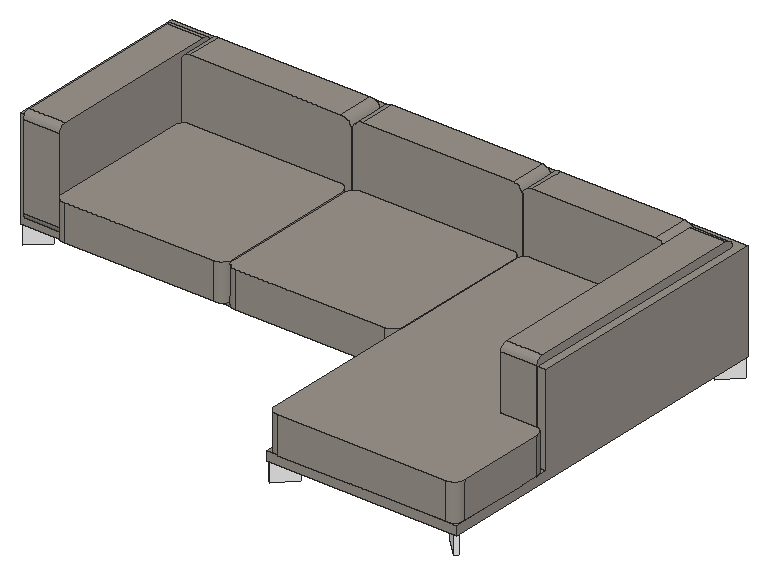
Revit family
Parameters
  Depth = 600 mm
  Height = 900 mm
  Width = 900 mm
Reference planes
  plane 1 "Indietro": y = 0
  plane 2: z = 0
  plane 3 "Centro (Sinistra/Destra)": x = 44.7
  plane 4 "Fronte": y = -600
  plane 5 "Sinistra": x = -405.3
  plane 6 "Destra": x = 494.7
  plane 7 "SUP": z = 900
Forms (mm)
  Extrusion 1, solid, material "Pelle Marrone"
    sketch origin (0, 0, 0) x (1, 0, 0) y (0, 1, 0)
      loop
        line (44.7, -300) -> (44.7, 225) -> (-2095.3, 225) -> (-2095.3, -825) -> (44.7, -825) -> (44.7, -300)
    from 100 to 150
  Extrusion 2, solid, material "Pelle Marrone"
    sketch origin (0, 0, 0) x (1, 0, 0) y (0, 1, 0)
      loop
        line (44.7, 225) -> (44.7, -1795) -> (1094.7, -1795) -> (1094.7, 225) -> (44.7, 225)
    from 100 to 150
  Extrusion 3, solid, material "Pelle Marrone"
    sketch origin (0, 0, 0) x (1, 0, 0) y (0, 1, 0)
      loop
        line (-2095.3, -825) -> (-2045.3, -825) -> (-2045.3, 175) -> (44.7, 175) -> (44.7, 225) -> (-2095.3, 225) -> (-2095.3, -825)
    from 150 to 650
  Extrusion 4, solid, material "Pelle Marrone"
    sketch origin (0, 0, 0) x (1, 0, 0) y (0, 1, 0)
      loop
        line (44.7, 175) -> (1044.7, 175) -> (1044.7, -1175) -> (1094.7, -1175) -> (1094.7, 225) -> (44.7, 225) -> (44.7, 175)
    from 150 to 650
  Extrusion 5, solid, material "Pelle Marrone"
    sketch origin (44.7, 0, 0) x (0, 1, 0) y (0, 0, 1)
      loop
        line (135, 690) -> (-825, 690)
        arc (-825, 690) -> (-853.284, 678.284) -> (-865, 650) r 40
        line (-865, 650) -> (-865, 185)
        arc (-865, 185) -> (-854.749, 160.251) -> (-830, 150) r 35
        line (-830, 150) -> (125, 150)
        arc (125, 150) -> (160.355, 164.645) -> (175, 200) r 50
        line (175, 200) -> (175, 650)
        arc (175, 650) -> (163.284, 678.284) -> (135, 690) r 40
    from -2090 to -1890
  Extrusion 6, solid, material "Pelle Marrone"
    sketch origin (44.7, 0, 0) x (0, 1, 0) y (0, 0, 1)
      loop
        line (135, 690) -> (-1135, 690)
        arc (-1135, 690) -> (-1163.284, 678.284) -> (-1175, 650) r 40
        line (-1175, 650) -> (-1175, 185)
        arc (-1175, 185) -> (-1164.749, 160.251) -> (-1140, 150) r 35
        line (-1140, 150) -> (125, 150)
        arc (125, 150) -> (160.355, 164.645) -> (175, 200) r 50
        line (175, 200) -> (175, 650)
        arc (175, 650) -> (163.284, 678.284) -> (135, 690) r 40
    from 800 to 1000
  Extrusion 7, solid, material "Pelle Marrone"
    sketch origin (0, -600, 0) x (1, 0, 0) y (0, 0, 1)
      loop
        line (-1845.3, 150) -> (-900.3, 150) -> (-900.3, 630)
        arc (-900.3, 630) -> (-917.873, 672.426) -> (-960.3, 690) r 60
        line (-960.3, 690) -> (-1795.3, 690)
        arc (-1795.3, 690) -> (-1830.655, 675.355) -> (-1845.3, 640) r 50
        line (-1845.3, 640) -> (-1845.3, 150)
    from -775 to -575
  Extrusion 8, solid, material "Pelle Marrone"
    sketch origin (-1800.599, -600, 0) x (-1, 0, 0) y (0, 0, -1)
      loop
        line (-1845.3, -150) -> (-1845.3, -640)
        arc (-1845.3, -640) -> (-1830.655, -675.355) -> (-1795.3, -690) r 50
        line (-1795.3, -690) -> (-960.3, -690)
        arc (-960.3, -690) -> (-917.873, -672.426) -> (-900.3, -630) r 60
        line (-900.3, -630) -> (-900.3, -150) -> (-1845.3, -150)
    from -775 to -575
  Extrusion 9, solid, material "Pelle Marrone"
    sketch origin (1890, -600, 0) x (1, 0, 0) y (0, 0, 1)
      loop
        line (-1845.3, 150) -> (-1045.3, 150) -> (-1045.3, 630)
        arc (-1045.3, 630) -> (-1062.873, 672.426) -> (-1105.3, 690) r 60
        line (-1105.3, 690) -> (-1795.3, 690)
        arc (-1795.3, 690) -> (-1830.655, 675.355) -> (-1845.3, 640) r 50
        line (-1845.3, 640) -> (-1845.3, 150)
    from -775 to -575
  Extrusion 10, solid, material "Pelle Marrone"
    sketch origin (0, 0, 0) x (1, 0, 0) y (0, 1, 0)
      loop
        line (-1845.3, -85) -> (-1845.3, -845)
        arc (-1845.3, -845) -> (-1827.726, -887.426) -> (-1785.3, -905) r 60
        line (-1785.3, -905) -> (-960.3, -905)
        arc (-960.3, -905) -> (-917.873, -887.426) -> (-900.3, -845) r 60
        line (-900.3, -845) -> (-900.3, -105)
        arc (-900.3, -105) -> (-923.731, -48.431) -> (-980.3, -25) r 80
        line (-980.3, -25) -> (-1785.3, -25)
        arc (-1785.3, -25) -> (-1827.726, -42.574) -> (-1845.3, -85) r 60
    from 150 to 350
  Extrusion 11, solid, material "Pelle Marrone"
    sketch origin (-1800.599, 0, 0) x (-1, 0, 0) y (0, -1, 0)
      loop
        arc (-1845.3, 85) -> (-1827.726, 42.574) -> (-1785.3, 25) r 60
        line (-1785.3, 25) -> (-980.3, 25)
        arc (-980.3, 25) -> (-923.731, 48.431) -> (-900.3, 105) r 80
        line (-900.3, 105) -> (-900.3, 845)
        arc (-900.3, 845) -> (-917.873, 887.426) -> (-960.3, 905) r 60
        line (-960.3, 905) -> (-1785.3, 905)
        arc (-1785.3, 905) -> (-1827.726, 887.426) -> (-1845.3, 845) r 60
        line (-1845.3, 845) -> (-1845.3, 85)
    from 150 to 350
  Extrusion 12, solid, material "Pelle Marrone"
    sketch origin (1890, 0, 0) x (1, 0, 0) y (0, 1, 0)
      loop
        line (-1845.3, -85) -> (-1845.3, -1735)
        arc (-1845.3, -1735) -> (-1827.726, -1777.426) -> (-1785.3, -1795) r 60
        line (-1785.3, -1795) -> (-855.3, -1795)
        arc (-855.3, -1795) -> (-812.873, -1777.426) -> (-795.3, -1735) r 60
        line (-795.3, -1735) -> (-795.3, -1240)
        arc (-795.3, -1240) -> (-814.338, -1194.038) -> (-860.3, -1175) r 65
        line (-860.3, -1175) -> (-1045.3, -1175) -> (-1045.3, -80)
        arc (-1045.3, -80) -> (-1061.409, -41.109) -> (-1100.3, -25) r 55
        line (-1100.3, -25) -> (-1785.3, -25)
        arc (-1785.3, -25) -> (-1827.726, -42.574) -> (-1845.3, -85) r 60
    from 150 to 350
  Extrusion 13, solid, material "Alluminio"
    sketch origin (0, 0, 0) x (1, 0, 0) y (0, 1, 0)
      loop
        line (-2095.3, -810) -> (-2080.3, -825) -> (-1984.236, -728.936) -> (-1999.236, -713.936) -> (-2095.3, -810)
    from 0 to 100
  Extrusion 14, solid, material "Alluminio"
    sketch origin (0, -600, 0) x (1, 0, 0) y (0, 1, 0)
      loop
        line (-2095.3, 810) -> (-1999.236, 713.936) -> (-1984.236, 728.936) -> (-2080.3, 825) -> (-2095.3, 810)
    from 0 to 100
  Extrusion 15, solid, material "Alluminio"
    sketch origin (-2050.635, -600, 0) x (-1, 0, 0) y (0, -1, 0)
      loop
        line (-2095.3, -810) -> (-2080.3, -825) -> (-1984.236, -728.936) -> (-1999.236, -713.936) -> (-2095.3, -810)
    from 0 to 100
  Extrusion 16, solid, material "Alluminio"
    sketch origin (2140.036, -600, 0) x (1, 0, 0) y (0, 1, 0)
      loop
        line (-2095.3, 810) -> (-1999.236, 713.936) -> (-1984.236, 728.936) -> (-2080.3, 825) -> (-2095.3, 810)
    from 0 to 100
  Extrusion 17, solid, material "Alluminio"
    sketch origin (-1000.635, -600, 0) x (-1, 0, 0) y (0, -1, 0)
      loop
        line (-2095.3, -810) -> (-2080.3, -825) -> (-1984.236, -728.936) -> (-1999.236, -713.936) -> (-2095.3, -810)
    from 0 to 100
  Extrusion 18, solid, material "Alluminio"
    sketch origin (-1000.635, -970, 0) x (-1, 0, 0) y (0, -1, 0)
      loop
        line (-2095.3, 810) -> (-1999.236, 713.936) -> (-1984.236, 728.936) -> (-2080.3, 825) -> (-2095.3, 810)
    from 0 to 100
  Extrusion 19, solid, material "Alluminio"
    sketch origin (2140.036, -970, 0) x (1, 0, 0) y (0, 1, 0)
      loop
        line (-2095.3, -810) -> (-2080.3, -825) -> (-1984.236, -728.936) -> (-1999.236, -713.936) -> (-2095.3, -810)
    from 0 to 100
  Extrusion 20, solid, material "Alluminio"
    sketch origin (-2050.635, 0, 0) x (-1, 0, 0) y (0, -1, 0)
      loop
        line (-2095.3, 810) -> (-1999.236, 713.936) -> (-1984.236, 728.936) -> (-2080.3, 825) -> (-2095.3, 810)
    from 0 to 100
Cuts and joins
  joined: Extrusion 1, Extrusion 3
  joined: Extrusion 2, Extrusion 4
Dimensions and locks
  "Width": plane 6 "Destra" to plane 5 "Sinistra"
  equal spacing: plane 6 "Destra", plane 3 "Centro (Sinistra/Destra)", plane 5 "Sinistra"
  "Depth": plane 4 "Fronte" to plane 1 "Indietro"
  "Height": level to plane 7 "SUP"
Automatic sketch dimensions
  Extrusion 1 sketch curve to plane 3 "Centro (Sinistra/Destra)" = 0 mm
  Extrusion 1 sketch curve to plane 1 "Indietro" = 225 mm
  Extrusion 1 sketch curve to plane 5 "Sinistra" = 1690 mm
  plane 1 "Indietro" to Extrusion 1 sketch curve = 300 mm
  plane 4 "Fronte" to Extrusion 1 sketch curve = 225 mm
  Extrusion 2 sketch curve to plane 3 "Centro (Sinistra/Destra)" = 0 mm
  plane 6 "Destra" to Extrusion 2 sketch curve = 600 mm
  plane 4 "Fronte" to Extrusion 2 sketch curve = 1195 mm
  Extrusion 2 sketch curve to plane 1 "Indietro" = 225 mm
  Extrusion 3 sketch curve to plane 3 "Centro (Sinistra/Destra)" = 0 mm
  Extrusion 3 sketch curve to plane 1 "Indietro" = 175 mm
  Extrusion 3 sketch curve to plane 5 "Sinistra" = 1640 mm
  Extrusion 3 sketch curve to Extrusion 3 sketch curve = 50 mm  (x2)
  plane 4 "Fronte" to Extrusion 3 sketch curve = 225 mm
  Extrusion 4 sketch curve to plane 3 "Centro (Sinistra/Destra)" = 0 mm
  Extrusion 4 sketch curve to plane 1 "Indietro" = 175 mm
  plane 6 "Destra" to Extrusion 4 sketch curve = 550 mm
  Extrusion 4 sketch curve to Extrusion 4 sketch curve = 50 mm  (x2)
  plane 4 "Fronte" to Extrusion 4 sketch curve = 575 mm
  plane 4 "Fronte" to Extrusion 5 sketch curve = 265 mm
  Extrusion 5 sketch curve to Extrusion 5 sketch curve = 35 mm
  Extrusion 5 sketch curve to Extrusion 5 sketch curve = 40 mm  (x2)
  Extrusion 5 sketch curve to plane 1 "Indietro" = 125 mm
  Extrusion 5 sketch curve to plane 1 "Indietro" = 135 mm
  level to Extrusion 5 sketch curve = 150 mm
  plane 7 "SUP" to Extrusion 5 sketch curve = 250 mm
  plane 4 "Fronte" to Extrusion 6 sketch curve = 575 mm
  Extrusion 6 sketch curve to Extrusion 6 sketch curve = 35 mm
  Extrusion 6 sketch curve to Extrusion 6 sketch curve = 40 mm  (x2)
  Extrusion 6 sketch curve to plane 1 "Indietro" = 125 mm
  Extrusion 6 sketch curve to plane 1 "Indietro" = 135 mm
  level to Extrusion 6 sketch curve = 150 mm
  plane 7 "SUP" to Extrusion 6 sketch curve = 250 mm
  level to Extrusion 7 sketch curve = 150 mm
  Extrusion 7 sketch curve to plane 5 "Sinistra" = 1440 mm
  Extrusion 7 sketch curve to Extrusion 7 sketch curve = 50 mm
  plane 7 "SUP" to Extrusion 7 sketch curve = 210 mm
  Extrusion 7 sketch curve to plane 5 "Sinistra" = 555 mm
  Extrusion 7 sketch curve to Extrusion 7 sketch curve = 60 mm
  Extrusion 8 sketch curve to plane 3 "Centro (Sinistra/Destra)" = 0 mm
  plane 3 "Centro (Sinistra/Destra)" to Extrusion 8 sketch curve = 50 mm
  Extrusion 8 sketch curve to plane 7 "SUP" = 210 mm
  plane 5 "Sinistra" to Extrusion 8 sketch curve = 435 mm
  Extrusion 8 sketch curve to level = 150 mm
  Extrusion 8 sketch curve to Extrusion 8 sketch curve = 60 mm
  Extrusion 9 sketch curve to plane 3 "Centro (Sinistra/Destra)" = 0 mm
  Extrusion 9 sketch curve to Extrusion 9 sketch curve = 50 mm
  plane 6 "Destra" to Extrusion 9 sketch curve = 290 mm
  level to Extrusion 9 sketch curve = 150 mm
  plane 6 "Destra" to Extrusion 9 sketch curve = 350 mm
  plane 7 "SUP" to Extrusion 9 sketch curve = 270 mm
  plane 1 "Indietro" to Extrusion 10 sketch curve = 85 mm
  Extrusion 10 sketch curve to plane 5 "Sinistra" = 1440 mm
  Extrusion 10 sketch curve to Extrusion 10 sketch curve = 60 mm  (x2)
  plane 1 "Indietro" to Extrusion 10 sketch curve = 25 mm
  plane 1 "Indietro" to Extrusion 10 sketch curve = 105 mm
  Extrusion 10 sketch curve to plane 5 "Sinistra" = 575 mm
  plane 4 "Fronte" to Extrusion 10 sketch curve = 245 mm
  Extrusion 11 sketch curve to plane 3 "Centro (Sinistra/Destra)" = 0 mm
  plane 3 "Centro (Sinistra/Destra)" to Extrusion 11 sketch curve = 60 mm  (x2)
  Extrusion 11 sketch curve to plane 1 "Indietro" = 25 mm
  Extrusion 11 sketch curve to plane 1 "Indietro" = 105 mm
  plane 5 "Sinistra" to Extrusion 11 sketch curve = 415 mm
  Extrusion 11 sketch curve to Extrusion 11 sketch curve = 60 mm
  Extrusion 11 sketch curve to plane 4 "Fronte" = 245 mm
  Extrusion 12 sketch curve to plane 3 "Centro (Sinistra/Destra)" = 0 mm
  plane 3 "Centro (Sinistra/Destra)" to Extrusion 12 sketch curve = 60 mm  (x2)
  plane 1 "Indietro" to Extrusion 12 sketch curve = 25 mm
  plane 6 "Destra" to Extrusion 12 sketch curve = 295 mm
  Extrusion 12 sketch curve to Extrusion 12 sketch curve = 55 mm
  Extrusion 12 sketch curve to Extrusion 12 sketch curve = 185 mm
  plane 6 "Destra" to Extrusion 12 sketch curve = 540 mm
  Extrusion 12 sketch curve to Extrusion 12 sketch curve = 65 mm
  plane 4 "Fronte" to Extrusion 12 sketch curve = 575 mm
  Extrusion 12 sketch curve to Extrusion 12 sketch curve = 495 mm
  plane 4 "Fronte" to Extrusion 13 sketch curve = 210 mm
  Extrusion 13 sketch curve to plane 5 "Sinistra" = 1690 mm
  plane 4 "Fronte" to Extrusion 13 sketch curve = 225 mm
  Extrusion 13 sketch curve to Extrusion 13 sketch curve = 15 mm
  plane 4 "Fronte" to Extrusion 13 sketch curve = 113.936 mm
  plane 1 "Indietro" to Extrusion 14 sketch curve = 210 mm
  plane 5 "Sinistra" to Extrusion 14 sketch curve = 1690 mm
  plane 1 "Indietro" to Extrusion 14 sketch curve = 225 mm
  Extrusion 14 sketch curve to Extrusion 14 sketch curve = 15 mm
  plane 1 "Indietro" to Extrusion 14 sketch curve = 113.936 mm
  Extrusion 15 sketch curve to plane 3 "Centro (Sinistra/Destra)" = 0.036 mm
  Extrusion 15 sketch curve to plane 3 "Centro (Sinistra/Destra)" = 15.036 mm
  Extrusion 15 sketch curve to plane 3 "Centro (Sinistra/Destra)" = 96.1 mm
  Extrusion 15 sketch curve to plane 1 "Indietro" = 225 mm
  Extrusion 15 sketch curve to Extrusion 15 sketch curve = 15 mm
  Extrusion 16 sketch curve to plane 3 "Centro (Sinistra/Destra)" = 0.036 mm
  Extrusion 16 sketch curve to plane 3 "Centro (Sinistra/Destra)" = 15.036 mm
  Extrusion 16 sketch curve to plane 3 "Centro (Sinistra/Destra)" = 96.1 mm
  plane 1 "Indietro" to Extrusion 16 sketch curve = 225 mm
  Extrusion 16 sketch curve to Extrusion 16 sketch curve = 15 mm
  Extrusion 17 sketch curve to plane 1 "Indietro" = 210 mm
  plane 6 "Destra" to Extrusion 17 sketch curve = 599.964 mm
  Extrusion 17 sketch curve to plane 1 "Indietro" = 225 mm
  Extrusion 17 sketch curve to Extrusion 17 sketch curve = 15 mm
  Extrusion 17 sketch curve to plane 1 "Indietro" = 113.936 mm
  Extrusion 18 sketch curve to plane 6 "Destra" = 599.964 mm
  Extrusion 18 sketch curve to Extrusion 18 sketch curve = 15 mm  (x2)
  Extrusion 18 sketch curve to Extrusion 18 sketch curve = 96.064 mm
  Extrusion 18 sketch curve to plane 4 "Fronte" = 1195 mm
  plane 3 "Centro (Sinistra/Destra)" to Extrusion 19 sketch curve = 0.036 mm
  plane 3 "Centro (Sinistra/Destra)" to Extrusion 19 sketch curve = 15.036 mm
  plane 3 "Centro (Sinistra/Destra)" to Extrusion 19 sketch curve = 96.1 mm
  plane 4 "Fronte" to Extrusion 19 sketch curve = 1195 mm
  Extrusion 19 sketch curve to Extrusion 19 sketch curve = 15 mm
  plane 3 "Centro (Sinistra/Destra)" to Extrusion 20 sketch curve = 0.036 mm
  plane 3 "Centro (Sinistra/Destra)" to Extrusion 20 sketch curve = 15.036 mm
  plane 3 "Centro (Sinistra/Destra)" to Extrusion 20 sketch curve = 96.1 mm
  Extrusion 20 sketch curve to plane 4 "Fronte" = 225 mm
  Extrusion 20 sketch curve to Extrusion 20 sketch curve = 15 mm
